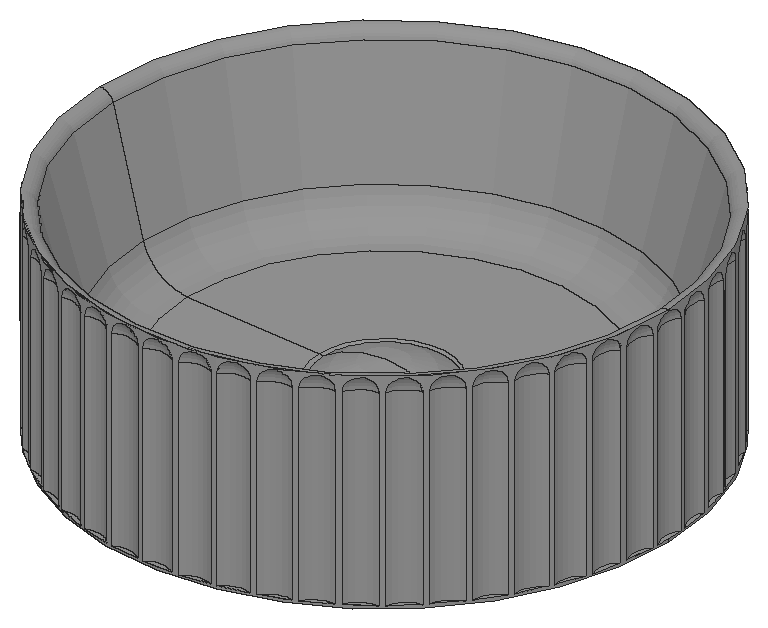
Revit family "ALMA-Lula_Mini_Fluted_Basin", category Plumbing Fixtures, host Face, Revit 2026
Family settings
  Host = Face
  Round Connector Dimension = Use Diameter
  Part Type = Normal
  Enable Cutting in Views = Yes
  Cut with Voids When Loaded = No
  Maintain Annotation Orientation = No
  Shared = No
  Room Calculation Point = No
Parameters (values of type "MATTE GREY")
  Width = 300 mm
  Height = 110 mm
  Default Elevation = 1219.2 mm
  Basin_Material = BM_MATTE GREY
Types (8, lengths in mm): name | Basin_Material
  (no name) | BM_MATTE GREY
  MATTE ECRU SAND | BM_MATTE ECRU SAND
  MATTE WHITE | BM_MATTE WHITE
  MATTE BLACK | BM_MATTE BLACK
  MATTE GREEN | BM_MATTE GREEN
  MATTE PINK | BM_MATTE PINK
  MATTE BLUE | BM_MATTE BLUE
  MATTE GREY | BM_MATTE GREY
Reference planes
  plane 1 "Center (Front/Back)": y = 0
  plane 2: z = 0
  plane 3 "Center (Left/Right)": x = 0
  plane 4: x = -150
  plane 5: x = 150
  plane 6: z = 110
  plane 7: y = 150
  plane 8: y = -150
Forms (mm)
  Revolve 1, solid, material "BM_MATTE GREY" <- "Basin_Material"
    sketch origin (0, 0, 0) x (1, 0, 0) y (0, 0, 1)
      loop
        line (-150, 110) -> (-150, 0) -> (-12, 0) -> (-12, 2.1)
        arc (-12, 2.1) -> (-12.349, 3.854) -> (-13.342, 5.341) r 4.583
        line (-13.342, 5.341) -> (-31.066, 23.065)
        arc (-31.066, 23.065) -> (-32.502, 24.042) -> (-34.196, 24.425) r 4.654
        line (-34.196, 24.425) -> (-103.986, 26.847)
        arc (-103.986, 26.847) -> (-118.641, 32.25) -> (-127.205, 45.312) r 24.934
        line (-127.205, 45.312) -> (-143.125, 104.725)
        arc (-143.125, 104.725) -> (-145.667, 108.529) -> (-150, 110) r 7.118
      axis (0, 0) -> (0, 110)
    angle from 0 to 360
  Revolve 2, solid, material "BM_MATTE GREY" <- "Basin_Material"
    sketch origin (0, 0, 5.9) x (1, 0, 0) y (0, 0, 1)
      loop
        line (-32.5, 18.125) -> (0, 18.125) -> (0, 28.125)
        arc (0, 28.125) -> (-17.019, 25.623) -> (-32.5, 18.125) r 56.604
      axis (0, 18.125) -> (0, 28.125)
    angle from 0 to 360
  Revolve 3, void
    sketch origin (0, -2.958, -0.143) x (0, 1, 0) y (0, 0, 1)
      loop
        line (-157.656, 1.942) -> (-144.5, 1.942) -> (-144.5, 102.523)
        arc (-144.5, 102.523) -> (-147.429, 109.594) -> (-154.5, 112.523) r 10
        line (-154.5, 112.523) -> (-157.656, 112.523) -> (-157.656, 1.942)
      axis (-157.656, 1.942) -> (-157.656, 112.523)
    angle from -45 to 45
  Revolve 4, void
    sketch origin (0.373, -2.934, -0.143) x (-0.12611, 0.992016, 0) y (0, 0, 1)
      loop
        line (-157.656, 1.942) -> (-144.5, 1.942) -> (-144.5, 102.523)
        arc (-144.5, 102.523) -> (-147.429, 109.594) -> (-154.5, 112.523) r 10
        line (-154.5, 112.523) -> (-157.656, 112.523) -> (-157.656, 1.942)
      axis (-157.656, 1.942) -> (-157.656, 112.523)
    angle from -45 to 45
  Revolve 5, void
    sketch origin (-0.356, -2.937, -0.143) x (0.120427, 0.992722, 0) y (0, 0, 1)
      loop
        line (-157.656, 1.942) -> (-144.5, 1.942) -> (-144.5, 102.523)
        arc (-144.5, 102.523) -> (-147.429, 109.594) -> (-154.5, 112.523) r 10
        line (-154.5, 112.523) -> (-157.656, 112.523) -> (-157.656, 1.942)
      axis (-157.656, 1.942) -> (-157.656, 112.523)
    angle from -45 to 45
  Revolve 6, void
    sketch origin (-0.707, -2.872, -0.143) x (0.239102, 0.970995, 0) y (0, 0, 1)
      loop
        line (-157.656, 1.942) -> (-144.5, 1.942) -> (-144.5, 102.523)
        arc (-144.5, 102.523) -> (-147.429, 109.594) -> (-154.5, 112.523) r 10
        line (-154.5, 112.523) -> (-157.656, 112.523) -> (-157.656, 1.942)
      axis (-157.656, 1.942) -> (-157.656, 112.523)
    angle from -45 to 45
  Revolve 7, void
    sketch origin (-1.048, -2.766, -0.143) x (0.354296, 0.935133, 0) y (0, 0, 1)
      loop
        line (-157.656, 1.942) -> (-144.5, 1.942) -> (-144.5, 102.523)
        arc (-144.5, 102.523) -> (-147.429, 109.594) -> (-154.5, 112.523) r 10
        line (-154.5, 112.523) -> (-157.656, 112.523) -> (-157.656, 1.942)
      axis (-157.656, 1.942) -> (-157.656, 112.523)
    angle from -45 to 45
  Revolve 8, void
    sketch origin (-1.374, -2.62, -0.143) x (0.464333, 0.885661, 0) y (0, 0, 1)
      loop
        line (-157.656, 1.942) -> (-144.5, 1.942) -> (-144.5, 102.523)
        arc (-144.5, 102.523) -> (-147.429, 109.594) -> (-154.5, 112.523) r 10
        line (-154.5, 112.523) -> (-157.656, 112.523) -> (-157.656, 1.942)
      axis (-157.656, 1.942) -> (-157.656, 112.523)
    angle from -45 to 45
  Revolve 9, void
    sketch origin (-1.679, -2.435, -0.143) x (0.567611, 0.823297, 0) y (0, 0, 1)
      loop
        line (-157.656, 1.942) -> (-144.5, 1.942) -> (-144.5, 102.523)
        arc (-144.5, 102.523) -> (-147.429, 109.594) -> (-154.5, 112.523) r 10
        line (-154.5, 112.523) -> (-157.656, 112.523) -> (-157.656, 1.942)
      axis (-157.656, 1.942) -> (-157.656, 112.523)
    angle from -45 to 45
  Revolve 10, void
    sketch origin (-1.96, -2.215, -0.143) x (0.662628, 0.748949, 0) y (0, 0, 1)
      loop
        line (-157.656, 1.942) -> (-144.5, 1.942) -> (-144.5, 102.523)
        arc (-144.5, 102.523) -> (-147.429, 109.594) -> (-154.5, 112.523) r 10
        line (-154.5, 112.523) -> (-157.656, 112.523) -> (-157.656, 1.942)
      axis (-157.656, 1.942) -> (-157.656, 112.523)
    angle from -45 to 45
  Revolve 11, void
    sketch origin (-2.213, -1.963, -0.143) x (0.747999, 0.663699, 0) y (0, 0, 1)
      loop
        line (-157.656, 1.942) -> (-144.5, 1.942) -> (-144.5, 102.523)
        arc (-144.5, 102.523) -> (-147.429, 109.594) -> (-154.5, 112.523) r 10
        line (-154.5, 112.523) -> (-157.656, 112.523) -> (-157.656, 1.942)
      axis (-157.656, 1.942) -> (-157.656, 112.523)
    angle from -45 to 45
  Revolve 12, void
    sketch origin (-2.433, -1.683, -0.143) x (0.822483, 0.56879, 0) y (0, 0, 1)
      loop
        line (-157.656, 1.942) -> (-144.5, 1.942) -> (-144.5, 102.523)
        arc (-144.5, 102.523) -> (-147.429, 109.594) -> (-154.5, 112.523) r 10
        line (-154.5, 112.523) -> (-157.656, 112.523) -> (-157.656, 1.942)
      axis (-157.656, 1.942) -> (-157.656, 112.523)
    angle from -45 to 45
  Revolve 13, void
    sketch origin (-2.618, -1.377, -0.143) x (0.884995, 0.465601, 0) y (0, 0, 1)
      loop
        line (-157.656, 1.942) -> (-144.5, 1.942) -> (-144.5, 102.523)
        arc (-144.5, 102.523) -> (-147.429, 109.594) -> (-154.5, 112.523) r 10
        line (-154.5, 112.523) -> (-157.656, 112.523) -> (-157.656, 1.942)
      axis (-157.656, 1.942) -> (-157.656, 112.523)
    angle from -45 to 45
  Revolve 14, void
    sketch origin (-2.765, -1.052, -0.143) x (0.934625, 0.355634, 0) y (0, 0, 1)
      loop
        line (-157.656, 1.942) -> (-144.5, 1.942) -> (-144.5, 102.523)
        arc (-144.5, 102.523) -> (-147.429, 109.594) -> (-154.5, 112.523) r 10
        line (-154.5, 112.523) -> (-157.656, 112.523) -> (-157.656, 1.942)
      axis (-157.656, 1.942) -> (-157.656, 112.523)
    angle from -45 to 45
  Revolve 15, void
    sketch origin (-2.871, -0.711, -0.143) x (0.970651, 0.240492, 0) y (0, 0, 1)
      loop
        line (-157.656, 1.942) -> (-144.5, 1.942) -> (-144.5, 102.523)
        arc (-144.5, 102.523) -> (-147.429, 109.594) -> (-154.5, 112.523) r 10
        line (-154.5, 112.523) -> (-157.656, 112.523) -> (-157.656, 1.942)
      axis (-157.656, 1.942) -> (-157.656, 112.523)
    angle from -45 to 45
  Revolve 16, void
    sketch origin (-2.936, -0.36, -0.143) x (0.992549, 0.121848, 0) y (0, 0, 1)
      loop
        line (-157.656, 1.942) -> (-144.5, 1.942) -> (-144.5, 102.523)
        arc (-144.5, 102.523) -> (-147.429, 109.594) -> (-154.5, 112.523) r 10
        line (-154.5, 112.523) -> (-157.656, 112.523) -> (-157.656, 1.942)
      axis (-157.656, 1.942) -> (-157.656, 112.523)
    angle from -45 to 45
  Revolve 17, void
    sketch origin (-2.958, -0.004, -0.143) x (0.999999, 0.001432, 0) y (0, 0, 1)
      loop
        line (-157.656, 1.942) -> (-144.5, 1.942) -> (-144.5, 102.523)
        arc (-144.5, 102.523) -> (-147.429, 109.594) -> (-154.5, 112.523) r 10
        line (-154.5, 112.523) -> (-157.656, 112.523) -> (-157.656, 1.942)
      axis (-157.656, 1.942) -> (-157.656, 112.523)
    angle from -45 to 45
  Revolve 18, void
    sketch origin (-2.937, 0.352, -0.143) x (0.992894, -0.119006, 0) y (0, 0, 1)
      loop
        line (-157.656, 1.942) -> (-144.5, 1.942) -> (-144.5, 102.523)
        arc (-144.5, 102.523) -> (-147.429, 109.594) -> (-154.5, 112.523) r 10
        line (-154.5, 112.523) -> (-157.656, 112.523) -> (-157.656, 1.942)
      axis (-157.656, 1.942) -> (-157.656, 112.523)
    angle from -45 to 45
  Revolve 19, void
    sketch origin (-2.873, 0.703, -0.143) x (0.971336, -0.237711, 0) y (0, 0, 1)
      loop
        line (-157.656, 1.942) -> (-144.5, 1.942) -> (-144.5, 102.523)
        arc (-144.5, 102.523) -> (-147.429, 109.594) -> (-154.5, 112.523) r 10
        line (-154.5, 112.523) -> (-157.656, 112.523) -> (-157.656, 1.942)
      axis (-157.656, 1.942) -> (-157.656, 112.523)
    angle from -45 to 45
  Revolve 20, void
    sketch origin (-2.768, 1.044, -0.143) x (0.93564, -0.352957, 0) y (0, 0, 1)
      loop
        line (-157.656, 1.942) -> (-144.5, 1.942) -> (-144.5, 102.523)
        arc (-144.5, 102.523) -> (-147.429, 109.594) -> (-154.5, 112.523) r 10
        line (-154.5, 112.523) -> (-157.656, 112.523) -> (-157.656, 1.942)
      axis (-157.656, 1.942) -> (-157.656, 112.523)
    angle from -45 to 45
  Revolve 21, void
    sketch origin (-2.622, 1.37, -0.143) x (0.886325, -0.463065, 0) y (0, 0, 1)
      loop
        line (-157.656, 1.942) -> (-144.5, 1.942) -> (-144.5, 102.523)
        arc (-144.5, 102.523) -> (-147.429, 109.594) -> (-154.5, 112.523) r 10
        line (-154.5, 112.523) -> (-157.656, 112.523) -> (-157.656, 1.942)
      axis (-157.656, 1.942) -> (-157.656, 112.523)
    angle from -45 to 45
  Revolve 22, void
    sketch origin (-2.438, 1.676, -0.143) x (0.824108, -0.566432, 0) y (0, 0, 1)
      loop
        line (-157.656, 1.942) -> (-144.5, 1.942) -> (-144.5, 102.523)
        arc (-144.5, 102.523) -> (-147.429, 109.594) -> (-154.5, 112.523) r 10
        line (-154.5, 112.523) -> (-157.656, 112.523) -> (-157.656, 1.942)
      axis (-157.656, 1.942) -> (-157.656, 112.523)
    angle from -45 to 45
  Revolve 23, void
    sketch origin (-2.218, 1.957, -0.143) x (0.749897, -0.661555, 0) y (0, 0, 1)
      loop
        line (-157.656, 1.942) -> (-144.5, 1.942) -> (-144.5, 102.523)
        arc (-144.5, 102.523) -> (-147.429, 109.594) -> (-154.5, 112.523) r 10
        line (-154.5, 112.523) -> (-157.656, 112.523) -> (-157.656, 1.942)
      axis (-157.656, 1.942) -> (-157.656, 112.523)
    angle from -45 to 45
  Revolve 24, void
    sketch origin (-1.966, 2.21, -0.143) x (0.66477, -0.747048, 0) y (0, 0, 1)
      loop
        line (-157.656, 1.942) -> (-144.5, 1.942) -> (-144.5, 102.523)
        arc (-144.5, 102.523) -> (-147.429, 109.594) -> (-154.5, 112.523) r 10
        line (-154.5, 112.523) -> (-157.656, 112.523) -> (-157.656, 1.942)
      axis (-157.656, 1.942) -> (-157.656, 112.523)
    angle from -45 to 45
  Revolve 25, void
    sketch origin (-1.686, 2.431, -0.143) x (0.569967, -0.821668, 0) y (0, 0, 1)
      loop
        line (-157.656, 1.942) -> (-144.5, 1.942) -> (-144.5, 102.523)
        arc (-144.5, 102.523) -> (-147.429, 109.594) -> (-154.5, 112.523) r 10
        line (-154.5, 112.523) -> (-157.656, 112.523) -> (-157.656, 1.942)
      axis (-157.656, 1.942) -> (-157.656, 112.523)
    angle from -45 to 45
  Revolve 26, void
    sketch origin (-1.381, 2.616, -0.143) x (0.466867, -0.884327, 0) y (0, 0, 1)
      loop
        line (-157.656, 1.942) -> (-144.5, 1.942) -> (-144.5, 102.523)
        arc (-144.5, 102.523) -> (-147.429, 109.594) -> (-154.5, 112.523) r 10
        line (-154.5, 112.523) -> (-157.656, 112.523) -> (-157.656, 1.942)
      axis (-157.656, 1.942) -> (-157.656, 112.523)
    angle from -45 to 45
  Revolve 27, void
    sketch origin (-1.056, 2.763, -0.143) x (0.356972, -0.934115, 0) y (0, 0, 1)
      loop
        line (-157.656, 1.942) -> (-144.5, 1.942) -> (-144.5, 102.523)
        arc (-144.5, 102.523) -> (-147.429, 109.594) -> (-154.5, 112.523) r 10
        line (-154.5, 112.523) -> (-157.656, 112.523) -> (-157.656, 1.942)
      axis (-157.656, 1.942) -> (-157.656, 112.523)
    angle from -45 to 45
  Revolve 28, void
    sketch origin (-0.716, 2.87, -0.143) x (0.241881, -0.970306, 0) y (0, 0, 1)
      loop
        line (-157.656, 1.942) -> (-144.5, 1.942) -> (-144.5, 102.523)
        arc (-144.5, 102.523) -> (-147.429, 109.594) -> (-154.5, 112.523) r 10
        line (-154.5, 112.523) -> (-157.656, 112.523) -> (-157.656, 1.942)
      axis (-157.656, 1.942) -> (-157.656, 112.523)
    angle from -45 to 45
  Revolve 29, void
    sketch origin (-0.365, 2.936, -0.143) x (0.123269, -0.992373, 0) y (0, 0, 1)
      loop
        line (-157.656, 1.942) -> (-144.5, 1.942) -> (-144.5, 102.523)
        arc (-144.5, 102.523) -> (-147.429, 109.594) -> (-154.5, 112.523) r 10
        line (-154.5, 112.523) -> (-157.656, 112.523) -> (-157.656, 1.942)
      axis (-157.656, 1.942) -> (-157.656, 112.523)
    angle from -45 to 45
  Revolve 30, void
    sketch origin (-0.008, 2.958, -0.143) x (0.002863, -0.999996, 0) y (0, 0, 1)
      loop
        line (-157.656, 1.942) -> (-144.5, 1.942) -> (-144.5, 102.523)
        arc (-144.5, 102.523) -> (-147.429, 109.594) -> (-154.5, 112.523) r 10
        line (-154.5, 112.523) -> (-157.656, 112.523) -> (-157.656, 1.942)
      axis (-157.656, 1.942) -> (-157.656, 112.523)
    angle from -45 to 45
  Revolve 31, void
    sketch origin (0.348, 2.938, -0.143) x (-0.117584, -0.993063, 0) y (0, 0, 1)
      loop
        line (-157.656, 1.942) -> (-144.5, 1.942) -> (-144.5, 102.523)
        arc (-144.5, 102.523) -> (-147.429, 109.594) -> (-154.5, 112.523) r 10
        line (-154.5, 112.523) -> (-157.656, 112.523) -> (-157.656, 1.942)
      axis (-157.656, 1.942) -> (-157.656, 112.523)
    angle from -45 to 45
  Revolve 32, void
    sketch origin (0.699, 2.874, -0.143) x (-0.236321, -0.971675, 0) y (0, 0, 1)
      loop
        line (-157.656, 1.942) -> (-144.5, 1.942) -> (-144.5, 102.523)
        arc (-144.5, 102.523) -> (-147.429, 109.594) -> (-154.5, 112.523) r 10
        line (-154.5, 112.523) -> (-157.656, 112.523) -> (-157.656, 1.942)
      axis (-157.656, 1.942) -> (-157.656, 112.523)
    angle from -45 to 45
  Revolve 33, void
    sketch origin (1.04, 2.769, -0.143) x (-0.351617, -0.936144, 0) y (0, 0, 1)
      loop
        line (-157.656, 1.942) -> (-144.5, 1.942) -> (-144.5, 102.523)
        arc (-144.5, 102.523) -> (-147.429, 109.594) -> (-154.5, 112.523) r 10
        line (-154.5, 112.523) -> (-157.656, 112.523) -> (-157.656, 1.942)
      axis (-157.656, 1.942) -> (-157.656, 112.523)
    angle from -45 to 45
  Revolve 34, void
    sketch origin (1.366, 2.624, -0.143) x (-0.461795, -0.886987, 0) y (0, 0, 1)
      loop
        line (-157.656, 1.942) -> (-144.5, 1.942) -> (-144.5, 102.523)
        arc (-144.5, 102.523) -> (-147.429, 109.594) -> (-154.5, 112.523) r 10
        line (-154.5, 112.523) -> (-157.656, 112.523) -> (-157.656, 1.942)
      axis (-157.656, 1.942) -> (-157.656, 112.523)
    angle from -45 to 45
  Revolve 35, void
    sketch origin (1.672, 2.44, -0.143) x (-0.565252, -0.824918, 0) y (0, 0, 1)
      loop
        line (-157.656, 1.942) -> (-144.5, 1.942) -> (-144.5, 102.523)
        arc (-144.5, 102.523) -> (-147.429, 109.594) -> (-154.5, 112.523) r 10
        line (-154.5, 112.523) -> (-157.656, 112.523) -> (-157.656, 1.942)
      axis (-157.656, 1.942) -> (-157.656, 112.523)
    angle from -45 to 45
  Revolve 36, void
    sketch origin (1.954, 2.221, -0.143) x (-0.660481, -0.750843, 0) y (0, 0, 1)
      loop
        line (-157.656, 1.942) -> (-144.5, 1.942) -> (-144.5, 102.523)
        arc (-144.5, 102.523) -> (-147.429, 109.594) -> (-154.5, 112.523) r 10
        line (-154.5, 112.523) -> (-157.656, 112.523) -> (-157.656, 1.942)
      axis (-157.656, 1.942) -> (-157.656, 112.523)
    angle from -45 to 45
  Revolve 37, void
    sketch origin (2.207, 1.97, -0.143) x (-0.746096, -0.665839, 0) y (0, 0, 1)
      loop
        line (-157.656, 1.942) -> (-144.5, 1.942) -> (-144.5, 102.523)
        arc (-144.5, 102.523) -> (-147.429, 109.594) -> (-154.5, 112.523) r 10
        line (-154.5, 112.523) -> (-157.656, 112.523) -> (-157.656, 1.942)
      axis (-157.656, 1.942) -> (-157.656, 112.523)
    angle from -45 to 45
  Revolve 38, void
    sketch origin (2.428, 1.689, -0.143) x (-0.820851, -0.571142, 0) y (0, 0, 1)
      loop
        line (-157.656, 1.942) -> (-144.5, 1.942) -> (-144.5, 102.523)
        arc (-144.5, 102.523) -> (-147.429, 109.594) -> (-154.5, 112.523) r 10
        line (-154.5, 112.523) -> (-157.656, 112.523) -> (-157.656, 1.942)
      axis (-157.656, 1.942) -> (-157.656, 112.523)
    angle from -45 to 45
  Revolve 39, void
    sketch origin (2.614, 1.385, -0.143) x (-0.883658, -0.468133, 0) y (0, 0, 1)
      loop
        line (-157.656, 1.942) -> (-144.5, 1.942) -> (-144.5, 102.523)
        arc (-144.5, 102.523) -> (-147.429, 109.594) -> (-154.5, 112.523) r 10
        line (-154.5, 112.523) -> (-157.656, 112.523) -> (-157.656, 1.942)
      axis (-157.656, 1.942) -> (-157.656, 112.523)
    angle from -45 to 45
  Revolve 40, void
    sketch origin (2.762, 1.06, -0.143) x (-0.933603, -0.358309, 0) y (0, 0, 1)
      loop
        line (-157.656, 1.942) -> (-144.5, 1.942) -> (-144.5, 102.523)
        arc (-144.5, 102.523) -> (-147.429, 109.594) -> (-154.5, 112.523) r 10
        line (-154.5, 112.523) -> (-157.656, 112.523) -> (-157.656, 1.942)
      axis (-157.656, 1.942) -> (-157.656, 112.523)
    angle from -45 to 45
  Revolve 41, void
    sketch origin (2.869, 0.72, -0.143) x (-0.969959, -0.24327, 0) y (0, 0, 1)
      loop
        line (-157.656, 1.942) -> (-144.5, 1.942) -> (-144.5, 102.523)
        arc (-144.5, 102.523) -> (-147.429, 109.594) -> (-154.5, 112.523) r 10
        line (-154.5, 112.523) -> (-157.656, 112.523) -> (-157.656, 1.942)
      axis (-157.656, 1.942) -> (-157.656, 112.523)
    angle from -45 to 45
  Revolve 42, void
    sketch origin (2.935, 0.369, -0.143) x (-0.992196, -0.12469, 0) y (0, 0, 1)
      loop
        line (-157.656, 1.942) -> (-144.5, 1.942) -> (-144.5, 102.523)
        arc (-144.5, 102.523) -> (-147.429, 109.594) -> (-154.5, 112.523) r 10
        line (-154.5, 112.523) -> (-157.656, 112.523) -> (-157.656, 1.942)
      axis (-157.656, 1.942) -> (-157.656, 112.523)
    angle from -45 to 45
  Revolve 43, void
    sketch origin (2.958, 0.013, -0.143) x (-0.999991, -0.004295, 0) y (0, 0, 1)
      loop
        line (-157.656, 1.942) -> (-144.5, 1.942) -> (-144.5, 102.523)
        arc (-144.5, 102.523) -> (-147.429, 109.594) -> (-154.5, 112.523) r 10
        line (-154.5, 112.523) -> (-157.656, 112.523) -> (-157.656, 1.942)
      axis (-157.656, 1.942) -> (-157.656, 112.523)
    angle from -45 to 45
  Revolve 44, void
    sketch origin (2.938, -0.344, -0.143) x (-0.99323, 0.116162, 0) y (0, 0, 1)
      loop
        line (-157.656, 1.942) -> (-144.5, 1.942) -> (-144.5, 102.523)
        arc (-144.5, 102.523) -> (-147.429, 109.594) -> (-154.5, 112.523) r 10
        line (-154.5, 112.523) -> (-157.656, 112.523) -> (-157.656, 1.942)
      axis (-157.656, 1.942) -> (-157.656, 112.523)
    angle from -45 to 45
  Revolve 45, void
    sketch origin (2.875, -0.695, -0.143) x (-0.972013, 0.234929, 0) y (0, 0, 1)
      loop
        line (-157.656, 1.942) -> (-144.5, 1.942) -> (-144.5, 102.523)
        arc (-144.5, 102.523) -> (-147.429, 109.594) -> (-154.5, 112.523) r 10
        line (-154.5, 112.523) -> (-157.656, 112.523) -> (-157.656, 1.942)
      axis (-157.656, 1.942) -> (-157.656, 112.523)
    angle from -45 to 45
  Revolve 46, void
    sketch origin (2.771, -1.036, -0.143) x (-0.936646, 0.350276, 0) y (0, 0, 1)
      loop
        line (-157.656, 1.942) -> (-144.5, 1.942) -> (-144.5, 102.523)
        arc (-144.5, 102.523) -> (-147.429, 109.594) -> (-154.5, 112.523) r 10
        line (-154.5, 112.523) -> (-157.656, 112.523) -> (-157.656, 1.942)
      axis (-157.656, 1.942) -> (-157.656, 112.523)
    angle from -45 to 45
  Revolve 47, void
    sketch origin (2.626, -1.362, -0.143) x (-0.887647, 0.460525, 0) y (0, 0, 1)
      loop
        line (-157.656, 1.942) -> (-144.5, 1.942) -> (-144.5, 102.523)
        arc (-144.5, 102.523) -> (-147.429, 109.594) -> (-154.5, 112.523) r 10
        line (-154.5, 112.523) -> (-157.656, 112.523) -> (-157.656, 1.942)
      axis (-157.656, 1.942) -> (-157.656, 112.523)
    angle from -45 to 45
  Revolve 48, void
    sketch origin (2.443, -1.669, -0.143) x (-0.825727, 0.56407, 0) y (0, 0, 1)
      loop
        line (-157.656, 1.942) -> (-144.5, 1.942) -> (-144.5, 102.523)
        arc (-144.5, 102.523) -> (-147.429, 109.594) -> (-154.5, 112.523) r 10
        line (-154.5, 112.523) -> (-157.656, 112.523) -> (-157.656, 1.942)
      axis (-157.656, 1.942) -> (-157.656, 112.523)
    angle from -45 to 45
  Revolve 49, void
    sketch origin (2.224, -1.951, -0.143) x (-0.751788, 0.659405, 0) y (0, 0, 1)
      loop
        line (-157.656, 1.942) -> (-144.5, 1.942) -> (-144.5, 102.523)
        arc (-144.5, 102.523) -> (-147.429, 109.594) -> (-154.5, 112.523) r 10
        line (-154.5, 112.523) -> (-157.656, 112.523) -> (-157.656, 1.942)
      axis (-157.656, 1.942) -> (-157.656, 112.523)
    angle from -45 to 45
  Revolve 50, void
    sketch origin (1.973, -2.204, -0.143) x (-0.666906, 0.745142, 0) y (0, 0, 1)
      loop
        line (-157.656, 1.942) -> (-144.5, 1.942) -> (-144.5, 102.523)
        arc (-144.5, 102.523) -> (-147.429, 109.594) -> (-154.5, 112.523) r 10
        line (-154.5, 112.523) -> (-157.656, 112.523) -> (-157.656, 1.942)
      axis (-157.656, 1.942) -> (-157.656, 112.523)
    angle from -45 to 45
  Revolve 51, void
    sketch origin (1.693, -2.426, -0.143) x (-0.572317, 0.820032, 0) y (0, 0, 1)
      loop
        line (-157.656, 1.942) -> (-144.5, 1.942) -> (-144.5, 102.523)
        arc (-144.5, 102.523) -> (-147.429, 109.594) -> (-154.5, 112.523) r 10
        line (-154.5, 112.523) -> (-157.656, 112.523) -> (-157.656, 1.942)
      axis (-157.656, 1.942) -> (-157.656, 112.523)
    angle from -45 to 45
  Revolve 52, void
    sketch origin (1.389, -2.612, -0.143) x (-0.469397, 0.882987, 0) y (0, 0, 1)
      loop
        line (-157.656, 1.942) -> (-144.5, 1.942) -> (-144.5, 102.523)
        arc (-144.5, 102.523) -> (-147.429, 109.594) -> (-154.5, 112.523) r 10
        line (-154.5, 112.523) -> (-157.656, 112.523) -> (-157.656, 1.942)
      axis (-157.656, 1.942) -> (-157.656, 112.523)
    angle from -45 to 45
  Revolve 53, void
    sketch origin (1.064, -2.76, -0.143) x (-0.359645, 0.933089, 0) y (0, 0, 1)
      loop
        line (-157.656, 1.942) -> (-144.5, 1.942) -> (-144.5, 102.523)
        arc (-144.5, 102.523) -> (-147.429, 109.594) -> (-154.5, 112.523) r 10
        line (-154.5, 112.523) -> (-157.656, 112.523) -> (-157.656, 1.942)
      axis (-157.656, 1.942) -> (-157.656, 112.523)
    angle from -45 to 45
  Revolve 54, void
    sketch origin (0.724, -2.868, -0.143) x (-0.244658, 0.969609, 0) y (0, 0, 1)
      loop
        line (-157.656, 1.942) -> (-144.5, 1.942) -> (-144.5, 102.523)
        arc (-144.5, 102.523) -> (-147.429, 109.594) -> (-154.5, 112.523) r 10
        line (-154.5, 112.523) -> (-157.656, 112.523) -> (-157.656, 1.942)
      axis (-157.656, 1.942) -> (-157.656, 112.523)
    angle from -45 to 45
Cuts and joins
  Revolve 3, Revolve 4, Revolve 5, Revolve 6, Revolve 7, Revolve 8, Revolve 9, Revolve 10, Revolve 11, Revolve 12, Revolve 13, Revolve 14, Revolve 15, Revolve 16, Revolve 17, Revolve 18, Revolve 19, Revolve 20, Revolve 21, Revolve 22, Revolve 23, Revolve 24, Revolve 25, Revolve 26, Revolve 27, Revolve 28, Revolve 29, Revolve 30, Revolve 31, Revolve 32, Revolve 33, Revolve 34, Revolve 35, Revolve 36, Revolve 37, Revolve 38, Revolve 39, Revolve 40, Revolve 41, Revolve 42, Revolve 43, Revolve 44, Revolve 45, Revolve 46, Revolve 47, Revolve 48, Revolve 49, Revolve 50, Revolve 51, Revolve 52, Revolve 53, Revolve 54 cuts Revolve 1
Text (mm)
  text "Refer to www.buildmat.com.au for the most current product literature. \nAllow a +/- 5mm tolerance for dimensions shown in the product literature. \nPlease note product details are subject to change due to ongoing product development." at (9, -1305.742, 0), in view "Ref. Level"
Dimensions and locks
  "Width": plane 4 to plane 5
  "Width": plane 8 to plane 7
  equal spacing: plane 8, plane 1 "Center (Front/Back)", plane 7
  equal spacing: plane 4, plane 3 "Center (Left/Right)", plane 5
  "Height": plane 6 to host face
  aligned and locked: plane 2 to host face
  aligned and locked: level to host face
Automatic sketch dimensions
  host sketch curve to host sketch curve = 2438.4 mm  (x2)
  Revolve 1 sketch curve to level = 0 mm  (x2)
  Revolve 1 sketch curve to plane 4 = 0 mm
  Revolve 1 sketch curve to plane 3 "Center (Left/Right)" = 0 mm
  Revolve 1 sketch curve to plane 6 = 0 mm  (x2)
  Revolve 1 sketch curve to plane 6 = 5.275 mm
  plane 4 to Revolve 1 sketch curve = 6.875 mm
  plane 4 to Revolve 1 sketch curve = 22.795 mm
  Revolve 1 sketch curve to Revolve 1 sketch curve = 23.219 mm
  Revolve 1 sketch curve to Revolve 1 sketch curve = 24.084 mm
  Revolve 1 sketch curve to Revolve 1 sketch curve = 0.161 mm
  Revolve 1 sketch curve to Revolve 1 sketch curve = 3.13 mm
  level to Revolve 1 sketch curve = 2.1 mm
  Revolve 1 sketch curve to Revolve 1 sketch curve = 3.241 mm
  level to Revolve 1 sketch curve = 19.774 mm
  Revolve 1 sketch curve to Revolve 1 sketch curve = 3.291 mm
  level to Revolve 1 sketch curve = 26.847 mm
  Revolve 1 sketch curve to Revolve 1 sketch curve = 18.465 mm
  Revolve 2 sketch curve to plane 3 "Center (Left/Right)" = 0 mm  (x2)
  Revolve 2 sketch curve to plane 3 "Center (Left/Right)" = 0.372 mm
  Revolve 2 sketch curve to level = 22.578 mm
  level to Revolve 2 sketch curve = 24.025 mm
  Revolve 2 sketch curve to Revolve 2 sketch curve = 0 mm  (x2)
  Revolve 3 sketch curve to Revolve 3 sketch curve = 3.156 mm
  Revolve 3 sketch curve to Revolve 3 sketch curve = 0 mm
  Revolve 3 sketch curve to Revolve 3 sketch curve = 1.942 mm
  Revolve 3 sketch curve to Revolve 3 sketch curve = 13.156 mm
  Revolve 3 sketch curve to Revolve 3 sketch curve = 100.581 mm
  Revolve 3 sketch curve to Revolve 3 sketch curve = 2.603 mm
  Revolve 4 sketch curve to Revolve 4 sketch curve = 3.156 mm
  Revolve 4 sketch curve to Revolve 4 sketch curve = 0 mm
  Revolve 4 sketch curve to Revolve 4 sketch curve = 1.942 mm
  Revolve 4 sketch curve to Revolve 4 sketch curve = 13.156 mm
  Revolve 4 sketch curve to Revolve 4 sketch curve = 100.581 mm
  Revolve 4 sketch curve to Revolve 4 sketch curve = 2.603 mm
  Revolve 5 sketch curve to Revolve 5 sketch curve = 3.156 mm
  Revolve 5 sketch curve to Revolve 5 sketch curve = 0 mm
  Revolve 5 sketch curve to Revolve 5 sketch curve = 1.942 mm
  Revolve 5 sketch curve to Revolve 5 sketch curve = 13.156 mm
  Revolve 5 sketch curve to Revolve 5 sketch curve = 100.581 mm
  Revolve 5 sketch curve to Revolve 5 sketch curve = 2.603 mm
  Revolve 6 sketch curve to Revolve 6 sketch curve = 3.156 mm
  Revolve 6 sketch curve to Revolve 6 sketch curve = 0 mm
  Revolve 6 sketch curve to Revolve 6 sketch curve = 1.942 mm
  Revolve 6 sketch curve to Revolve 6 sketch curve = 13.156 mm
  Revolve 6 sketch curve to Revolve 6 sketch curve = 100.581 mm
  Revolve 6 sketch curve to Revolve 6 sketch curve = 2.603 mm
  Revolve 7 sketch curve to Revolve 7 sketch curve = 3.156 mm
  Revolve 7 sketch curve to Revolve 7 sketch curve = 0 mm
  Revolve 7 sketch curve to Revolve 7 sketch curve = 1.942 mm
  Revolve 7 sketch curve to Revolve 7 sketch curve = 13.156 mm
  Revolve 7 sketch curve to Revolve 7 sketch curve = 100.581 mm
  Revolve 7 sketch curve to Revolve 7 sketch curve = 2.603 mm
  Revolve 8 sketch curve to Revolve 8 sketch curve = 3.156 mm
  Revolve 8 sketch curve to Revolve 8 sketch curve = 0 mm
  Revolve 8 sketch curve to Revolve 8 sketch curve = 1.942 mm
  Revolve 8 sketch curve to Revolve 8 sketch curve = 13.156 mm
  Revolve 8 sketch curve to Revolve 8 sketch curve = 100.581 mm
  Revolve 8 sketch curve to Revolve 8 sketch curve = 2.603 mm
  Revolve 9 sketch curve to Revolve 9 sketch curve = 3.156 mm
  Revolve 9 sketch curve to Revolve 9 sketch curve = 0 mm
  Revolve 9 sketch curve to Revolve 9 sketch curve = 1.942 mm
  Revolve 9 sketch curve to Revolve 9 sketch curve = 13.156 mm
  Revolve 9 sketch curve to Revolve 9 sketch curve = 100.581 mm
  Revolve 9 sketch curve to Revolve 9 sketch curve = 2.603 mm
  Revolve 10 sketch curve to Revolve 10 sketch curve = 3.156 mm
  Revolve 10 sketch curve to Revolve 10 sketch curve = 0 mm
  Revolve 10 sketch curve to Revolve 10 sketch curve = 1.942 mm
  Revolve 10 sketch curve to Revolve 10 sketch curve = 13.156 mm
  Revolve 10 sketch curve to Revolve 10 sketch curve = 100.581 mm
  Revolve 10 sketch curve to Revolve 10 sketch curve = 2.603 mm
  Revolve 11 sketch curve to Revolve 11 sketch curve = 3.156 mm
  Revolve 11 sketch curve to Revolve 11 sketch curve = 0 mm
  Revolve 11 sketch curve to Revolve 11 sketch curve = 1.942 mm
  Revolve 11 sketch curve to Revolve 11 sketch curve = 13.156 mm
  Revolve 11 sketch curve to Revolve 11 sketch curve = 100.581 mm
  Revolve 11 sketch curve to Revolve 11 sketch curve = 2.603 mm
  Revolve 12 sketch curve to Revolve 12 sketch curve = 3.156 mm
  Revolve 12 sketch curve to Revolve 12 sketch curve = 0 mm
  Revolve 12 sketch curve to Revolve 12 sketch curve = 1.942 mm
  Revolve 12 sketch curve to Revolve 12 sketch curve = 13.156 mm
  Revolve 12 sketch curve to Revolve 12 sketch curve = 100.581 mm
  Revolve 12 sketch curve to Revolve 12 sketch curve = 2.603 mm
  Revolve 13 sketch curve to Revolve 13 sketch curve = 3.156 mm
  Revolve 13 sketch curve to Revolve 13 sketch curve = 0 mm
  Revolve 13 sketch curve to Revolve 13 sketch curve = 1.942 mm
  Revolve 13 sketch curve to Revolve 13 sketch curve = 13.156 mm
  Revolve 13 sketch curve to Revolve 13 sketch curve = 100.581 mm
  Revolve 13 sketch curve to Revolve 13 sketch curve = 2.603 mm
  Revolve 14 sketch curve to Revolve 14 sketch curve = 3.156 mm
  Revolve 14 sketch curve to Revolve 14 sketch curve = 0 mm
  Revolve 14 sketch curve to Revolve 14 sketch curve = 1.942 mm
  Revolve 14 sketch curve to Revolve 14 sketch curve = 13.156 mm
  Revolve 14 sketch curve to Revolve 14 sketch curve = 100.581 mm
  Revolve 14 sketch curve to Revolve 14 sketch curve = 2.603 mm
  Revolve 15 sketch curve to Revolve 15 sketch curve = 3.156 mm
  Revolve 15 sketch curve to Revolve 15 sketch curve = 0 mm
  Revolve 15 sketch curve to Revolve 15 sketch curve = 1.942 mm
  Revolve 15 sketch curve to Revolve 15 sketch curve = 13.156 mm
  Revolve 15 sketch curve to Revolve 15 sketch curve = 100.581 mm
  Revolve 15 sketch curve to Revolve 15 sketch curve = 2.603 mm
  Revolve 16 sketch curve to Revolve 16 sketch curve = 3.156 mm
  Revolve 16 sketch curve to Revolve 16 sketch curve = 0 mm
  Revolve 16 sketch curve to Revolve 16 sketch curve = 1.942 mm
  Revolve 16 sketch curve to Revolve 16 sketch curve = 13.156 mm
  Revolve 16 sketch curve to Revolve 16 sketch curve = 100.581 mm
  Revolve 16 sketch curve to Revolve 16 sketch curve = 2.603 mm
  Revolve 17 sketch curve to Revolve 17 sketch curve = 3.156 mm
  Revolve 17 sketch curve to Revolve 17 sketch curve = 0 mm
  Revolve 17 sketch curve to Revolve 17 sketch curve = 1.942 mm
  Revolve 17 sketch curve to Revolve 17 sketch curve = 13.156 mm
  Revolve 17 sketch curve to Revolve 17 sketch curve = 100.581 mm
  Revolve 17 sketch curve to Revolve 17 sketch curve = 2.603 mm
  Revolve 18 sketch curve to Revolve 18 sketch curve = 3.156 mm
  Revolve 18 sketch curve to Revolve 18 sketch curve = 0 mm
  Revolve 18 sketch curve to Revolve 18 sketch curve = 1.942 mm
  Revolve 18 sketch curve to Revolve 18 sketch curve = 13.156 mm
  Revolve 18 sketch curve to Revolve 18 sketch curve = 100.581 mm
  Revolve 18 sketch curve to Revolve 18 sketch curve = 2.603 mm
  Revolve 19 sketch curve to Revolve 19 sketch curve = 3.156 mm
  Revolve 19 sketch curve to Revolve 19 sketch curve = 0 mm
  Revolve 19 sketch curve to Revolve 19 sketch curve = 1.942 mm
  Revolve 19 sketch curve to Revolve 19 sketch curve = 13.156 mm
  Revolve 19 sketch curve to Revolve 19 sketch curve = 100.581 mm
  Revolve 19 sketch curve to Revolve 19 sketch curve = 2.603 mm
  Revolve 20 sketch curve to Revolve 20 sketch curve = 3.156 mm
  Revolve 20 sketch curve to Revolve 20 sketch curve = 0 mm
  Revolve 20 sketch curve to Revolve 20 sketch curve = 1.942 mm
  Revolve 20 sketch curve to Revolve 20 sketch curve = 13.156 mm
  Revolve 20 sketch curve to Revolve 20 sketch curve = 100.581 mm
  Revolve 20 sketch curve to Revolve 20 sketch curve = 2.603 mm
  Revolve 21 sketch curve to Revolve 21 sketch curve = 3.156 mm
  Revolve 21 sketch curve to Revolve 21 sketch curve = 0 mm
  Revolve 21 sketch curve to Revolve 21 sketch curve = 1.942 mm
  Revolve 21 sketch curve to Revolve 21 sketch curve = 13.156 mm
  Revolve 21 sketch curve to Revolve 21 sketch curve = 100.581 mm
  Revolve 21 sketch curve to Revolve 21 sketch curve = 2.603 mm
  Revolve 22 sketch curve to Revolve 22 sketch curve = 3.156 mm
  Revolve 22 sketch curve to Revolve 22 sketch curve = 0 mm
  Revolve 22 sketch curve to Revolve 22 sketch curve = 1.942 mm
  Revolve 22 sketch curve to Revolve 22 sketch curve = 13.156 mm
  Revolve 22 sketch curve to Revolve 22 sketch curve = 100.581 mm
  Revolve 22 sketch curve to Revolve 22 sketch curve = 2.603 mm
  Revolve 23 sketch curve to Revolve 23 sketch curve = 3.156 mm
  Revolve 23 sketch curve to Revolve 23 sketch curve = 0 mm
  Revolve 23 sketch curve to Revolve 23 sketch curve = 1.942 mm
  Revolve 23 sketch curve to Revolve 23 sketch curve = 13.156 mm
  Revolve 23 sketch curve to Revolve 23 sketch curve = 100.581 mm
  Revolve 23 sketch curve to Revolve 23 sketch curve = 2.603 mm
  Revolve 24 sketch curve to Revolve 24 sketch curve = 3.156 mm
  Revolve 24 sketch curve to Revolve 24 sketch curve = 0 mm
  Revolve 24 sketch curve to Revolve 24 sketch curve = 1.942 mm
  Revolve 24 sketch curve to Revolve 24 sketch curve = 13.156 mm
  Revolve 24 sketch curve to Revolve 24 sketch curve = 100.581 mm
  Revolve 24 sketch curve to Revolve 24 sketch curve = 2.603 mm
  Revolve 25 sketch curve to Revolve 25 sketch curve = 3.156 mm
  Revolve 25 sketch curve to Revolve 25 sketch curve = 0 mm
  Revolve 25 sketch curve to Revolve 25 sketch curve = 1.942 mm
  Revolve 25 sketch curve to Revolve 25 sketch curve = 13.156 mm
  Revolve 25 sketch curve to Revolve 25 sketch curve = 100.581 mm
  Revolve 25 sketch curve to Revolve 25 sketch curve = 2.603 mm
  Revolve 26 sketch curve to Revolve 26 sketch curve = 3.156 mm
  Revolve 26 sketch curve to Revolve 26 sketch curve = 0 mm
  Revolve 26 sketch curve to Revolve 26 sketch curve = 1.942 mm
  Revolve 26 sketch curve to Revolve 26 sketch curve = 13.156 mm
  Revolve 26 sketch curve to Revolve 26 sketch curve = 100.581 mm
  Revolve 26 sketch curve to Revolve 26 sketch curve = 2.603 mm
  Revolve 27 sketch curve to Revolve 27 sketch curve = 3.156 mm
  Revolve 27 sketch curve to Revolve 27 sketch curve = 0 mm
  Revolve 27 sketch curve to Revolve 27 sketch curve = 1.942 mm
  Revolve 27 sketch curve to Revolve 27 sketch curve = 13.156 mm
  Revolve 27 sketch curve to Revolve 27 sketch curve = 100.581 mm
  Revolve 27 sketch curve to Revolve 27 sketch curve = 2.603 mm
  Revolve 28 sketch curve to Revolve 28 sketch curve = 3.156 mm
  Revolve 28 sketch curve to Revolve 28 sketch curve = 0 mm
  Revolve 28 sketch curve to Revolve 28 sketch curve = 1.942 mm
  Revolve 28 sketch curve to Revolve 28 sketch curve = 13.156 mm
  Revolve 28 sketch curve to Revolve 28 sketch curve = 100.581 mm
  Revolve 28 sketch curve to Revolve 28 sketch curve = 2.603 mm
  Revolve 29 sketch curve to Revolve 29 sketch curve = 3.156 mm
  Revolve 29 sketch curve to Revolve 29 sketch curve = 0 mm
  Revolve 29 sketch curve to Revolve 29 sketch curve = 1.942 mm
  Revolve 29 sketch curve to Revolve 29 sketch curve = 13.156 mm
  Revolve 29 sketch curve to Revolve 29 sketch curve = 100.581 mm
  Revolve 29 sketch curve to Revolve 29 sketch curve = 2.603 mm
  Revolve 30 sketch curve to Revolve 30 sketch curve = 3.156 mm
  Revolve 30 sketch curve to Revolve 30 sketch curve = 0 mm
  Revolve 30 sketch curve to Revolve 30 sketch curve = 1.942 mm
  Revolve 30 sketch curve to Revolve 30 sketch curve = 13.156 mm
  Revolve 30 sketch curve to Revolve 30 sketch curve = 100.581 mm
  Revolve 30 sketch curve to Revolve 30 sketch curve = 2.603 mm
  Revolve 31 sketch curve to Revolve 31 sketch curve = 3.156 mm
  Revolve 31 sketch curve to Revolve 31 sketch curve = 0 mm
  Revolve 31 sketch curve to Revolve 31 sketch curve = 1.942 mm
  Revolve 31 sketch curve to Revolve 31 sketch curve = 13.156 mm
  Revolve 31 sketch curve to Revolve 31 sketch curve = 100.581 mm
  Revolve 31 sketch curve to Revolve 31 sketch curve = 2.603 mm
  Revolve 32 sketch curve to Revolve 32 sketch curve = 3.156 mm
  Revolve 32 sketch curve to Revolve 32 sketch curve = 0 mm
  Revolve 32 sketch curve to Revolve 32 sketch curve = 1.942 mm
  Revolve 32 sketch curve to Revolve 32 sketch curve = 13.156 mm
  Revolve 32 sketch curve to Revolve 32 sketch curve = 100.581 mm
  Revolve 32 sketch curve to Revolve 32 sketch curve = 2.603 mm
  Revolve 33 sketch curve to Revolve 33 sketch curve = 3.156 mm
  Revolve 33 sketch curve to Revolve 33 sketch curve = 0 mm
  Revolve 33 sketch curve to Revolve 33 sketch curve = 1.942 mm
  Revolve 33 sketch curve to Revolve 33 sketch curve = 13.156 mm
  Revolve 33 sketch curve to Revolve 33 sketch curve = 100.581 mm
  Revolve 33 sketch curve to Revolve 33 sketch curve = 2.603 mm
  Revolve 34 sketch curve to Revolve 34 sketch curve = 3.156 mm
  Revolve 34 sketch curve to Revolve 34 sketch curve = 0 mm
  Revolve 34 sketch curve to Revolve 34 sketch curve = 1.942 mm
  Revolve 34 sketch curve to Revolve 34 sketch curve = 13.156 mm
  Revolve 34 sketch curve to Revolve 34 sketch curve = 100.581 mm
  Revolve 34 sketch curve to Revolve 34 sketch curve = 2.603 mm
  Revolve 35 sketch curve to Revolve 35 sketch curve = 3.156 mm
  Revolve 35 sketch curve to Revolve 35 sketch curve = 0 mm
  Revolve 35 sketch curve to Revolve 35 sketch curve = 1.942 mm
  Revolve 35 sketch curve to Revolve 35 sketch curve = 13.156 mm
  Revolve 35 sketch curve to Revolve 35 sketch curve = 100.581 mm
  Revolve 35 sketch curve to Revolve 35 sketch curve = 2.603 mm
  Revolve 36 sketch curve to Revolve 36 sketch curve = 3.156 mm
  Revolve 36 sketch curve to Revolve 36 sketch curve = 0 mm
  Revolve 36 sketch curve to Revolve 36 sketch curve = 1.942 mm
  Revolve 36 sketch curve to Revolve 36 sketch curve = 13.156 mm
  Revolve 36 sketch curve to Revolve 36 sketch curve = 100.581 mm
  Revolve 36 sketch curve to Revolve 36 sketch curve = 2.603 mm
  Revolve 37 sketch curve to Revolve 37 sketch curve = 3.156 mm
  Revolve 37 sketch curve to Revolve 37 sketch curve = 0 mm
  Revolve 37 sketch curve to Revolve 37 sketch curve = 1.942 mm
  Revolve 37 sketch curve to Revolve 37 sketch curve = 13.156 mm
  Revolve 37 sketch curve to Revolve 37 sketch curve = 100.581 mm
  Revolve 37 sketch curve to Revolve 37 sketch curve = 2.603 mm
  Revolve 38 sketch curve to Revolve 38 sketch curve = 3.156 mm
  Revolve 38 sketch curve to Revolve 38 sketch curve = 0 mm
  Revolve 38 sketch curve to Revolve 38 sketch curve = 1.942 mm
  Revolve 38 sketch curve to Revolve 38 sketch curve = 13.156 mm
  Revolve 38 sketch curve to Revolve 38 sketch curve = 100.581 mm
  Revolve 38 sketch curve to Revolve 38 sketch curve = 2.603 mm
  Revolve 39 sketch curve to Revolve 39 sketch curve = 3.156 mm
  Revolve 39 sketch curve to Revolve 39 sketch curve = 0 mm
  Revolve 39 sketch curve to Revolve 39 sketch curve = 1.942 mm
  Revolve 39 sketch curve to Revolve 39 sketch curve = 13.156 mm
  Revolve 39 sketch curve to Revolve 39 sketch curve = 100.581 mm
  Revolve 39 sketch curve to Revolve 39 sketch curve = 2.603 mm
  Revolve 40 sketch curve to Revolve 40 sketch curve = 3.156 mm
  Revolve 40 sketch curve to Revolve 40 sketch curve = 0 mm
  Revolve 40 sketch curve to Revolve 40 sketch curve = 1.942 mm
  Revolve 40 sketch curve to Revolve 40 sketch curve = 13.156 mm
  Revolve 40 sketch curve to Revolve 40 sketch curve = 100.581 mm
  Revolve 40 sketch curve to Revolve 40 sketch curve = 2.603 mm
  Revolve 41 sketch curve to Revolve 41 sketch curve = 3.156 mm
  Revolve 41 sketch curve to Revolve 41 sketch curve = 0 mm
  Revolve 41 sketch curve to Revolve 41 sketch curve = 1.942 mm
  Revolve 41 sketch curve to Revolve 41 sketch curve = 13.156 mm
  Revolve 41 sketch curve to Revolve 41 sketch curve = 100.581 mm
  Revolve 41 sketch curve to Revolve 41 sketch curve = 2.603 mm
  Revolve 42 sketch curve to Revolve 42 sketch curve = 3.156 mm
  Revolve 42 sketch curve to Revolve 42 sketch curve = 0 mm
  Revolve 42 sketch curve to Revolve 42 sketch curve = 1.942 mm
  Revolve 42 sketch curve to Revolve 42 sketch curve = 13.156 mm
  Revolve 42 sketch curve to Revolve 42 sketch curve = 100.581 mm
  Revolve 42 sketch curve to Revolve 42 sketch curve = 2.603 mm
  Revolve 43 sketch curve to Revolve 43 sketch curve = 3.156 mm
  Revolve 43 sketch curve to Revolve 43 sketch curve = 0 mm
  Revolve 43 sketch curve to Revolve 43 sketch curve = 1.942 mm
  Revolve 43 sketch curve to Revolve 43 sketch curve = 13.156 mm
  Revolve 43 sketch curve to Revolve 43 sketch curve = 100.581 mm
  Revolve 43 sketch curve to Revolve 43 sketch curve = 2.603 mm
  Revolve 44 sketch curve to Revolve 44 sketch curve = 3.156 mm
  Revolve 44 sketch curve to Revolve 44 sketch curve = 0 mm
  Revolve 44 sketch curve to Revolve 44 sketch curve = 1.942 mm
  Revolve 44 sketch curve to Revolve 44 sketch curve = 13.156 mm
  Revolve 44 sketch curve to Revolve 44 sketch curve = 100.581 mm
  Revolve 44 sketch curve to Revolve 44 sketch curve = 2.603 mm
  Revolve 45 sketch curve to Revolve 45 sketch curve = 3.156 mm
  Revolve 45 sketch curve to Revolve 45 sketch curve = 0 mm
  Revolve 45 sketch curve to Revolve 45 sketch curve = 1.942 mm
  Revolve 45 sketch curve to Revolve 45 sketch curve = 13.156 mm
  Revolve 45 sketch curve to Revolve 45 sketch curve = 100.581 mm
  Revolve 45 sketch curve to Revolve 45 sketch curve = 2.603 mm
  Revolve 46 sketch curve to Revolve 46 sketch curve = 3.156 mm
  Revolve 46 sketch curve to Revolve 46 sketch curve = 0 mm
  Revolve 46 sketch curve to Revolve 46 sketch curve = 1.942 mm
  Revolve 46 sketch curve to Revolve 46 sketch curve = 13.156 mm
  Revolve 46 sketch curve to Revolve 46 sketch curve = 100.581 mm
  Revolve 46 sketch curve to Revolve 46 sketch curve = 2.603 mm
  Revolve 47 sketch curve to Revolve 47 sketch curve = 3.156 mm
  Revolve 47 sketch curve to Revolve 47 sketch curve = 0 mm
  Revolve 47 sketch curve to Revolve 47 sketch curve = 1.942 mm
  Revolve 47 sketch curve to Revolve 47 sketch curve = 13.156 mm
  Revolve 47 sketch curve to Revolve 47 sketch curve = 100.581 mm
  Revolve 47 sketch curve to Revolve 47 sketch curve = 2.603 mm
  Revolve 48 sketch curve to Revolve 48 sketch curve = 3.156 mm
  Revolve 48 sketch curve to Revolve 48 sketch curve = 0 mm
  Revolve 48 sketch curve to Revolve 48 sketch curve = 1.942 mm
  Revolve 48 sketch curve to Revolve 48 sketch curve = 13.156 mm
  Revolve 48 sketch curve to Revolve 48 sketch curve = 100.581 mm
  Revolve 48 sketch curve to Revolve 48 sketch curve = 2.603 mm
  Revolve 49 sketch curve to Revolve 49 sketch curve = 3.156 mm
  Revolve 49 sketch curve to Revolve 49 sketch curve = 0 mm
  Revolve 49 sketch curve to Revolve 49 sketch curve = 1.942 mm
  Revolve 49 sketch curve to Revolve 49 sketch curve = 13.156 mm
  Revolve 49 sketch curve to Revolve 49 sketch curve = 100.581 mm
  Revolve 49 sketch curve to Revolve 49 sketch curve = 2.603 mm
  Revolve 50 sketch curve to Revolve 50 sketch curve = 3.156 mm
  Revolve 50 sketch curve to Revolve 50 sketch curve = 0 mm
  Revolve 50 sketch curve to Revolve 50 sketch curve = 1.942 mm
  Revolve 50 sketch curve to Revolve 50 sketch curve = 13.156 mm
  Revolve 50 sketch curve to Revolve 50 sketch curve = 100.581 mm
  Revolve 50 sketch curve to Revolve 50 sketch curve = 2.603 mm
  Revolve 51 sketch curve to Revolve 51 sketch curve = 3.156 mm
  Revolve 51 sketch curve to Revolve 51 sketch curve = 0 mm
  Revolve 51 sketch curve to Revolve 51 sketch curve = 1.942 mm
  Revolve 51 sketch curve to Revolve 51 sketch curve = 13.156 mm
  Revolve 51 sketch curve to Revolve 51 sketch curve = 100.581 mm
  Revolve 51 sketch curve to Revolve 51 sketch curve = 2.603 mm
  Revolve 52 sketch curve to Revolve 52 sketch curve = 3.156 mm
  Revolve 52 sketch curve to Revolve 52 sketch curve = 0 mm
  Revolve 52 sketch curve to Revolve 52 sketch curve = 1.942 mm
  Revolve 52 sketch curve to Revolve 52 sketch curve = 13.156 mm
  Revolve 52 sketch curve to Revolve 52 sketch curve = 100.581 mm
  Revolve 52 sketch curve to Revolve 52 sketch curve = 2.603 mm
  Revolve 53 sketch curve to Revolve 53 sketch curve = 3.156 mm
  Revolve 53 sketch curve to Revolve 53 sketch curve = 0 mm
  Revolve 53 sketch curve to Revolve 53 sketch curve = 1.942 mm
  Revolve 53 sketch curve to Revolve 53 sketch curve = 13.156 mm
  Revolve 53 sketch curve to Revolve 53 sketch curve = 100.581 mm
  Revolve 53 sketch curve to Revolve 53 sketch curve = 2.603 mm
  Revolve 54 sketch curve to Revolve 54 sketch curve = 3.156 mm
  Revolve 54 sketch curve to Revolve 54 sketch curve = 0 mm
  Revolve 54 sketch curve to Revolve 54 sketch curve = 1.942 mm
  Revolve 54 sketch curve to Revolve 54 sketch curve = 13.156 mm
  Revolve 54 sketch curve to Revolve 54 sketch curve = 100.581 mm
  Revolve 54 sketch curve to Revolve 54 sketch curve = 2.603 mm
  Revolve 1 sketch curve to plane 3 "Center (Left/Right)" = 34.357 mm
  Revolve 1 sketch curve to plane 3 "Center (Left/Right)" = 16.583 mm
  Revolve 1 sketch curve to Revolve 1 sketch curve = 4.583 mm
  Revolve 2 sketch curve to Revolve 2 sketch curve = 32.5 mm
